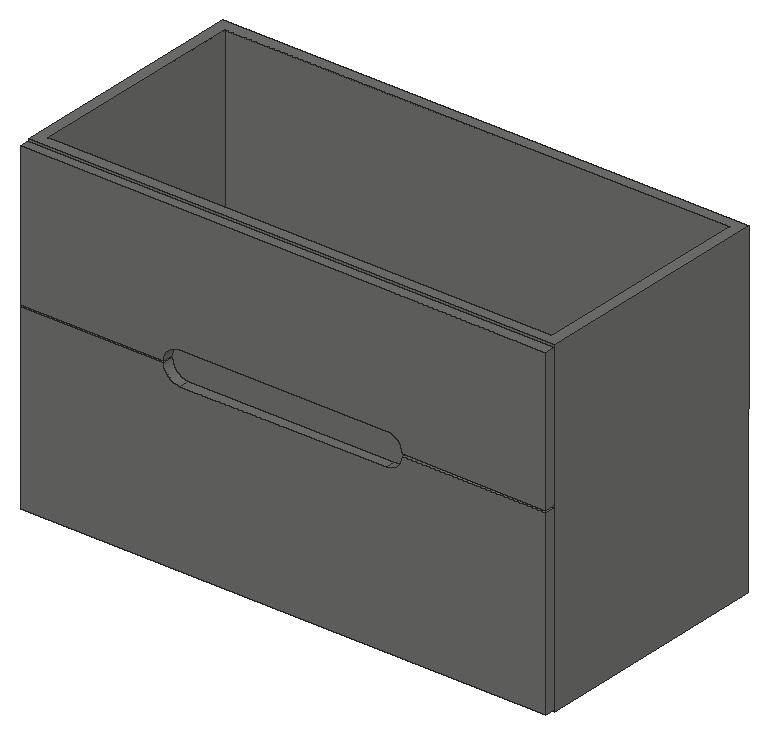
Revit family "Sun 190807", category Furniture, Revit 2019
Family settings
  OmniClass Number = 23.40.20.00
  OmniClass Title = General Furniture and Specialties
  Work Plane-Based = No
  Always vertical = Yes
  Cut with Voids When Loaded = No
  Shared = No
  Room Calculation Point = No
Parameters (values of type "Sun compact 800 anthracite matt")
  Width = 800 mm
  URL = "www.hafa.se"
  Type Comments = ""
  Svulsthöjd = 752.398 mm
  Model = "New Sun (2018)"
  Manufacturer = "Hafa Bathroom Group AB"
  Handtag integrerade = 350 mm
  GTIN = "7330027109749"
  Front Material = "Moiusture resistant MDF E1 and FSC certified"
  Finish = Anthracite NCS S 8000-N 10% gloss
  Depth = 369 mm
  Body Material = "Moisture resistant chipboard E1 and FSC certified."
  Assembly Code = ""
  Article number = "1390230"
Types (25, lengths in mm): name | Width | URL | Type Comments | Handtag integrerade | GTIN | Finish | Depth | Article number
  (no name) | 800 | "www.hafa.se" | "" | 350 | "7330027109749" | Anthracite NCS S 8000-N 10% gloss | 369 | "1390230"
  Sun 600 white matt | 600 | "https://www.hafa.se" | "" | 250 | "7330027109282" | White matt NCS S 0300-N 20% gloss | 439 | "1390100"
  Sun 800 white matt | 800 | "https://www.hafa.se" | "" | 350 | "7330027109329" | White matt NCS S 0300-N 20% gloss | 439 | "1390105"
  Sun 900 white matt | 900 | "https://www.hafa.se" | "" | 400 | "7330027109282" | White matt NCS S 0300-N 20% gloss | 439 | "1390100"
  Sun 1000 white matt | 1000 | "www.hafa.se" | "" | 430 | "7330027109404" | White matt NCS S 0300-N 20% gloss | 439 | "1390115"
  Sun compact 600 white matt | 600 | 0 | "www.hafa.se" | 250 | "7330027109640" | White matt NCS S 0300-N 20% gloss | 369 | "1390220"
  Sun compact 800 white matt | 800 | "www.hafa.se" | "" | 350 | "7330027109732" | White matt NCS S 0300-N 20% gloss | 369 | "1390229"
  Sun 600 grey matt | 600 | "https://www.hafa.se" | "" | 250 | "7330027109305" | Grey matt NCS S 4500-N 10% gloss | 439 | "1390103"
  Sun 600 anthracite | 600 | "https://www.hafa.se" | "" | 250 | "7330027109299" | Anthracite NCS S 8000-N 10% gloss | 439 | "1390101"
  Sun 600 ash foil | 600 | "https://www.hafa.se" | "" | 250 | "7330027109312" | Ash foil | 439 | "1390104"
  Sun 800 grey matt | 800 | "https://www.hafa.se" | "" | 350 | "7330027109343" | Grey matt NCS S 4500-N 10% gloss | 439 | "1390108"
  Sun 800 anthracite matt | 800 | "https://www.hafa.se" | "" | 350 | "7330027109336" | NCS S 8000-N 10% gloss | 439 | "1390106"
  Sun 800 ash foil | 800 | "https://www.hafa.se" | "" | 350 | "7330027109350" | Ash foil | 439 | "1390109"
  Sun 900 grey matt | 900 | "https://www.hafa.se" | "" | 400 | "7330027109305" | Grey matt NCS S 4500-N 10% gloss | 439 | "1390103"
  Sun 900 ash foil | 900 | "https://www.hafa.se" | "" | 400 | "7330027109312" | Ash foil | 439 | "1390104"
  Sun 900 anthracite matt | 900 | "https://www.hafa.se" | "" | 400 | "7330027109299" | Anthracite NCS S 8000-N 10% gloss | 439 | "1390101"
  Sun 1000 anthractie matt | 1000 | "www.hafa.se" | "" | 430 | "7330027109411" | Anthracite NCS S 8000-N 10% gloss | 439 | "1390116"
  Sun 1000 ash foil | 1000 | "www.hafa.se" | "" | 430 | "733002710943" | Ash foil | 439 | "1390119"
  Sun 1000 grey matt | 1000 | "www.hafa.se" | "" | 430 | "7330027109428" | Grey matt NCS S 4500-N 10% gloss | 439 | "1390118"
  Sun compact 600 antrhactie matt | 600 | 0 | "www.hafa.se" | 250 | "7330027109657" | Anthracite NCS S 8000-N 10% gloss | 369 | "1390221"
  Sun compact 600 grey matt | 600 | 0 | "www.hafa.se" | 250 | "7330027109664" | Grey matt NCS S 4500-N 10% gloss | 369 | "1390222"
  Sun compact 600 ash foil | 600 | 0 | "www.hafa.se" | 250 | "7330027109671" | Ash foil | 369 | "1390223"
  Sun compact 800 grey matt | 800 | "www.hafa.se" | "" | 350 | "7330027109756" | Grey matt NCS S 4500-N 10% gloss | 369 | "1390231"
  Sun compact 800 ash foil | 800 | "www.hafa.se" | "" | 350 | "7330027109763" | Ash foil | 369 | "1390232"
  Sun compact 800 anthracite matt | 800 | "www.hafa.se" | "" | 350 | "7330027109749" | Anthracite NCS S 8000-N 10% gloss | 369 | "1390230"
Reference planes
  plane 1 "Center (Front/Back)": y = 0
  plane 2: z = 0
  plane 3 "Center (Left/Right)": x = 0
  plane 4: x = -400
  plane 5: x = 400
  plane 6 "back": y = 184.5
  plane 7 "front": y = -184.5
  plane 8 "svulsthöjd": z = 752.398
  plane 9 "delning": z = 532.398
  plane 10: x = -175
  plane 11: x = 175
  plane 12: x = -384
  plane 13: x = 384
  plane 14: y = -168.5
  plane 15: y = 168.5
  plane 16: z = 271.602
Forms (mm)
  Extrusion 1, solid, material "Anthracite NCS S 8000-N 10% gloss" <- "Finish"
    sketch origin (0, 0, 752.398) x (-1, 0, 0) y (0, -1, 0)
      loop
        line (400, -184.5) -> (400, 184.5) -> (-400, 184.5) -> (-400, -184.5) -> (400, -184.5)
    from 0 to -499.796
  Extrusion 2, solid, material "Anthracite NCS S 8000-N 10% gloss" <- "Finish"
    sketch origin (0, -184.5, 0) x (-1, 0, 0) y (0, 0, 1)
      loop
        line (400, 749.398) -> (-400, 749.398) -> (-400, 533.898) -> (400, 533.898) -> (400, 749.398)
      loop
        line (400, 255.602) -> (400, 530.898) -> (-400, 530.898) -> (-400, 255.602) -> (400, 255.602)
    from 0 to -16
  Extrusion 3, void
    sketch origin (0, -184.5, 0) x (-1, 0, 0) y (0, 0, 1)
      loop
        line (156.766, 557.398) -> (-156.725, 557.398)
        arc (-156.725, 557.398) -> (-181.725, 532.398) -> (-156.725, 507.398) r 25
        line (-156.725, 507.398) -> (156.766, 507.398)
        arc (156.766, 507.398) -> (181.766, 532.398) -> (156.766, 557.398) r 25
    from 0 to -16
  Extrusion 4, void
    sketch origin (0, 0, 752.398) x (-1, 0, 0) y (0, -1, 0)
      loop
        line (384, -168.5) -> (384, 168.5) -> (-384, 168.5) -> (-384, -168.5) -> (384, -168.5)
    from 0 to -480.796
Cuts and joins
  Extrusion 3, Extrusion 4 cuts Extrusion 1
  Extrusion 3 cuts Extrusion 2
Lines and regions (mm)
  reference lines
    curve 1: line (-384, 168.5, 752.398) -> (384, 168.5, 752.398)
    curve 2: line (-384, -168.5, 752.398) -> (-384, 168.5, 752.398)
    curve 3: line (384, -168.5, 752.398) -> (-384, -168.5, 752.398)
    curve 4: line (384, 168.5, 752.398) -> (384, -168.5, 752.398)
Dimensions and locks
  equal spacing: plane 6 "back", plane 1 "Center (Front/Back)", plane 7 "front"
  equal spacing: plane 4, plane 3 "Center (Left/Right)", plane 5
  "Width": plane 4 to plane 5
  "Depth": plane 6 "back" to plane 7 "front"
  "Svulsthöjd": plane 8 "svulsthöjd" to level
  locked: plane 8 "svulsthöjd" to plane 9 "delning" at 220
  equal spacing: Extrusion 2 sketch curve, plane 9 "delning", Extrusion 2 sketch curve
  Extrusion 1 to Extrusion 2 sketch curve = 3 mm
  Extrusion 2 sketch curve to plane 8 "svulsthöjd" = 3 mm
  equal spacing: plane 11, plane 3 "Center (Left/Right)", plane 10
  "Handtag integrerade": plane 11 to plane 10
  equal spacing: Extrusion 3 sketch curve, plane 9 "delning", Extrusion 3 sketch curve
  Extrusion 3 sketch curve to plane 9 "delning" = 25 mm
  locked: plane 4 to plane 12 at 16
  locked: plane 13 to plane 5 at 16
  locked: plane 14 to plane 7 "front" at 16
  locked: plane 6 "back" to plane 15 at 16
  locked: plane 16 to cut or joined group of Extrusion 2, Extrusion 3 at 16
  aligned and locked: level to plane 2
  aligned and locked: Extrusion 1 sketch curve to plane 6 "back"
  aligned and locked: plane 4 to Extrusion 1 sketch curve
  aligned and locked: plane 7 "front" to Extrusion 1 sketch curve
  aligned and locked: Extrusion 1 sketch curve to plane 5
  aligned and locked: curve 1 to plane 15
  aligned and locked: plane 12 to curve 2
  aligned and locked: curve 3 to plane 14
  aligned and locked: curve 4 to plane 13
  aligned and locked: Extrusion 4 sketch curve to curve 1
  aligned and locked: Extrusion 4 sketch curve to curve 2
  aligned and locked: Extrusion 4 sketch curve to curve 3
  aligned and locked: Extrusion 4 sketch curve to curve 4
  aligned and locked: Extrusion 4 to plane 16
  aligned and locked: plane 8 "svulsthöjd" to Extrusion 4
Automatic sketch dimensions
  Extrusion 2 sketch curve to plane 5 = 0 mm  (x2)
  Extrusion 2 sketch curve to plane 4 = 0 mm  (x2)
  Extrusion 2 sketch curve to plane 9 "delning" = 1.5 mm
  Extrusion 3 sketch curve to plane 11 = 18.275 mm
  plane 10 to Extrusion 3 sketch curve = 18.234 mm
